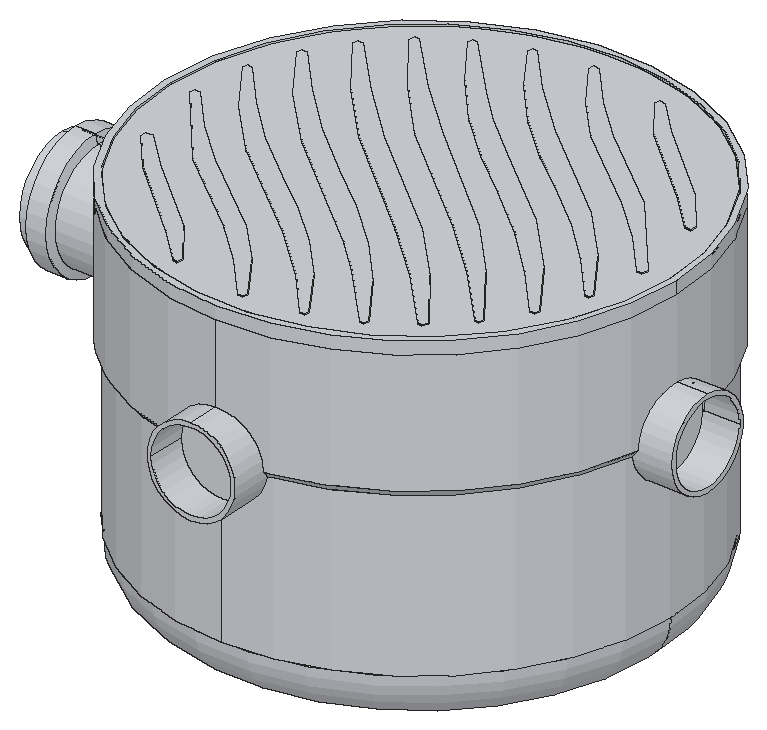
Revit family "Caixa Sifonada Montada_Tampa Branca - Caixas e Ralos - Esgoto - MEP - Tigre", category Plumbing Fixtures, host Face, Revit 2011
Parameters (values of type "250 x 172 x 50")
  URL = "http://www.tigre.com.br"
  UHC [instance] = 2
  Tigre: Sistema = "Esgoto"  # constant formula
  Tigre: Norma = ""
  Tigre: Material = "PVC Branco"  # constant formula
  Tigre: Marcador [instance] = "00"
  Tigre: Link do Produto = "http://www.tigre.com.br/pt/produtos_unico.php?rcr_id=4&cpr_id=10&cpr_id_pai=4&lnh_id=11&prd_id=123"
  Tigre: Linha = "Caixas e Ralos"  # constant formula
  Tigre: Fabricante = "© Tigre S/A"  # constant formula
  Tigre: Descrição = "Caixa Sifonada Montada c/ Tampa Branca 250 x 172 x 50mm, Esgoto - TIGRE"
  Tigre: Código com Separador [instance] = "27.13.132.8"
  Tigre: Código = 27131328
  Tigre: Comentários [instance] = ""
  Raio do Corpo 2 = 125.00 mm
  Raio do Corpo 1 = 128.00 mm
  Raio Interno Porta Grelha = 48.70 mm
  Raio Externo Porta Grelha = 53.50 mm
  Raio do Anel = 31.40 mm
  Raio Nominal 2 = Diâmetro Nominal 2 / 2  # 20.00 mm
  Raio Nominal 1 = Diâmetro Nominal 1 / 2  # 25.00 mm
  Raio Externo 2 = Raio Nominal 2 + 2.00 mm  # 22.00 mm
  Raio Externo 1 = Raio Nominal 1 + 2.00 mm  # 27.00 mm
  Prolongador. [instance] = none
  Prolongador [instance] = Distância do Prolongador > 0.00 mm  # no
  Porta Grelha [instance] = none
  Tampa [instance] = none
  P_Grelha = yes
  Model = ""
  Manufacturer = Tigre: Fabricante  # "© Tigre S/A"
  Grelha = yes
  Diâmetro Nominal 2 = 40.00 mm
  Diâmetro Nominal 1 = 50.00 mm
  Detalhes = Cota A = 230.00 mm  # no
  Description = Tigre: Descrição  # "Caixa Sifonada Montada c/ Tampa Branca 250 x 172 x 50mm, Esgoto - TIGRE"
  Default Elevation = 0.00 mm
  Cota L1 = 179.00 mm
  Distância do Prolongador [instance] = 0.00 mm
  Cota C = 111.00 mm
  Cota B = 111.00 mm
  Cota A = 172.00 mm
  Comprimento do Tubo [instance] = if(Distância do Prolongador > 0.00 mm, Distância do Prolongador + 12.00 mm, Distância do Prolongador + 1.00 mm)  # 1.00 mm
  Caixas e Ralos [instance] = none
  Anel = 10.00 mm
Types (5, lengths in mm): name | Tigre: Link do Produto | Tigre: Descrição | Tigre: Código com Separador | Tigre: Código | Raio do Anel | Raio Nominal 2 | Raio Nominal 1 | Raio Externo 2 | Raio Externo 1 | P_Grelha | Grelha | Diâmetro Nominal 2 | Diâmetro Nominal 1 | Detalhes | Description | Cota C | Cota B | Cota A
  (no name) | "http://www.tigre.com.br/pt/produtos_unico.php?rcr_id=4&cpr_id=10&cpr_id_pai=4&lnh_id=11&prd_id=123" | "Caixa Sifonada Montada c/ Tampa Branca 250 x 172 x 50mm, Esgoto - TIGRE" | "27.13.132.8" | 27131328 | 31.40 | 20.00 | 25.00 | 22.00 | 27.00 | yes | yes | 40.00 | 50.00 | no | "Caixa Sifonada Montada c/ Tampa Branca 250 x 172 x 50mm, Esgoto - TIGRE" | 111.00 | 111.00 | 172.00
  250 x 172 x 50 | "http://www.tigre.com.br/pt/produtos_unico.php?rcr_id=4&cpr_id=10&cpr_id_pai=4&lnh_id=11&prd_id=123" | "Caixa Sifonada Montada c/ Tampa Branca 250 x 172 x 50mm, Esgoto - TIGRE" | "27.13.132.8" | 27131328 | 31.40 | 20.00 | 25.00 | 22.00 | 27.00 | yes | yes | 40.00 | 50.00 | no | "Caixa Sifonada Montada c/ Tampa Branca 250 x 172 x 50mm, Esgoto - TIGRE" | 111.00 | 111.00 | 172.00
  250 x 230 x 75 | "http://www.tigre.com.br/pt/produtos_unico.php?rcr_id=4&cpr_id=10&cpr_id_pai=4&lnh_id=11&prd_id=123" | "Caixa Sifonada Montada c/ Tampa Branca 250 x 230 x 75mm, Esgoto - TIGRE" | "27.13.134.4" | 27131344 | 44.00 | 25.00 | 37.50 | 27.00 | 39.50 | yes | yes | 50.00 | 75.00 | yes | "Caixa Sifonada Montada c/ Tampa Branca 250 x 230 x 75mm, Esgoto - TIGRE" | 169.00 | 129.00 | 230.00
  Corpo - 250 x 172 x 50 | "http://www.tigre.com.br/pt/produtos_unico.php?rcr_id=4&cpr_id=10&cpr_id_pai=4&lnh_id=11&prd_id=131" | "Corpo Caixa Sifonada - 250 x 172 x 50mm, Esgoto - TIGRE" | "27.15.023.3" | 27150233 | 31.40 | 20.00 | 25.00 | 22.00 | 27.00 | no | no | 40.00 | 50.00 | no | "Corpo Caixa Sifonada - 250 x 172 x 50mm, Esgoto - TIGRE" | 111.00 | 111.00 | 172.00
  Corpo - 250 x 230 x 75 | "http://www.tigre.com.br/pt/produtos_unico.php?rcr_id=4&cpr_id=10&cpr_id_pai=4&lnh_id=11&prd_id=131" | "Corpo Caixa Sifonada - 250 x 230 x 75mm, Esgoto - TIGRE" | "27.15.022.5" | 27150225 | 44.00 | 25.00 | 37.50 | 27.00 | 39.50 | no | no | 50.00 | 75.00 | yes | "Corpo Caixa Sifonada - 250 x 230 x 75mm, Esgoto - TIGRE" | 169.00 | 129.00 | 230.00
Reference planes
  plane 1 "Center (Front/Back)": y = 0
  plane 2: z = 0
  plane 3 "Center (Left/Right)": x = 0
  plane 4: z = -178.5
  plane 5: z = -6.5
  plane 6: z = -67.5
  plane 7: z = -67.5
  plane 8: z = -3.5
  plane 9: z = -6.5
Forms (mm)
  Sweep 1, solid, material <- "Caixas e Ralos", detail levels fine
    path origin (0, 0, 0) x (1, 0, 0) y (0, 0, 1)
      loop
        line (0, -6.5) -> (0, -67.5)
    profile origin (0, 0, -37) x (0, -1, 0) y (1, 0, 0)
      loop
        circle (0, 0) r 128
  Revolve 2, solid, material <- "Caixas e Ralos", detail levels fine
    sketch origin (0, 0, 0) x (1, 0, 0) y (0, 0, 1)
      loop
        line (0, -152.137) -> (-125, -152.137)
        arc (-125, -152.137) -> (-117.279, -170.779) -> (-98.637, -178.5) r 26.363
        line (-98.637, -178.5) -> (0, -178.5) -> (0, -152.137)
      axis (0, -152.137) -> (0, -178.5)
    angle from 0 to 360
  Sweep 3, solid, material <- "Caixas e Ralos", detail levels fine
    path origin (0, 0, 0) x (1, 0, 0) y (0, 0, 1)
      loop
        line (0, -67.5) -> (-179, -67.5)
    profile origin (-89.5, 0, -67.5) x (0, 0, -1) y (0, -1, 0)
      loop
        circle (0, 0) r 27
  SweptBlend 4, solid, material <- "Caixas e Ralos", detail levels fine
    path origin (0, 0, 0) x (1, 0, 0) y (0, 0, 1)
      loop
        line (-173.761, -67.5) -> (-172.421, -67.5)
    profile origin (-173.761, 0, -67.5) x (0, 0, 1) y (0, -1, 0)
      loop
        circle (0, 0) r 27
    end profile origin (-172.421, 0, -67.5) x (0, 0, 1) y (0, -1, 0)
      loop
        circle (0, 0) r 31.4
  Sweep 5, solid, material <- "Caixas e Ralos", detail levels fine
    path origin (0, 0, 0) x (1, 0, 0) y (0, 0, 1)
      loop
        line (-172.421, -67.5) -> (-162.421, -67.5)
    profile origin (-167.421, 0, -67.5) x (0, 0, 1) y (0, -1, 0)
      loop
        circle (0, 0) r 31.4
  SweptBlend 6, solid, material <- "Caixas e Ralos", detail levels fine
    path origin (0, 0, 0) x (1, 0, 0) y (0, 0, 1)
      loop
        line (-162.421, -67.5) -> (-161.487, -67.5)
    profile origin (-162.421, 0, -67.5) x (0, 0, 1) y (0, -1, 0)
      loop
        circle (0, 0) r 31.4
    end profile origin (-161.487, 0, -67.5) x (0, 0, 1) y (0, -1, 0)
      loop
        circle (0, 0) r 27
  Sweep 7, solid, material <- "Caixas e Ralos", detail levels fine
    path origin (0, 0, 0) x (1, 0, 0) y (0, 0, 1)
      loop
        line (0, -71) -> (0, -152.137)
    profile origin (0, 0, -111.569) x (0, -1, 0) y (1, 0, 0)
      loop
        circle (0, 0) r 125
  SweptBlend 8, solid, material <- "Caixas e Ralos", detail levels fine
    path origin (0, 0, 0) x (1, 0, 0) y (0, 0, 1)
      loop
        line (0, -71) -> (0, -67.5)
    profile origin (0, 0, -71) x (-1, 0, 0) y (0, -1, 0)
      loop
        circle (0, 0) r 125
    end profile origin (0, 0, -67.5) x (-1, 0, 0) y (0, -1, 0)
      loop
        circle (0, 0) r 128
  Sweep 9, solid, material <- "Caixas e Ralos", detail levels fine
    path origin (0, 0, 0) x (1, 0, 0) y (0, 0, 1)
      loop
        line (0, -67.5) -> (143.5, -67.5)
    profile origin (71.75, 0, -67.5) x (0, 0, 1) y (0, -1, 0)
      loop
        circle (0, 0) r 22
  Sweep 10, solid, material <- "Caixas e Ralos", detail levels fine
    path origin (0, 0, 0) x (0, 1, 0) y (0, 0, 1)
      loop
        line (143.5, -67.5) -> (-143.5, -67.5)
    profile origin (0, 0, -67.5) x (0, 0, -1) y (1, 0, 0)
      loop
        circle (0, 0) r 22
  Sweep 11, void
    path origin (0, 0, 0) x (0, 1, 0) y (0, 0, 1)
      loop
        line (0, -67.5) -> (0, -152.1)
    profile origin (0, 0, -109.8) x (1, 0, 0) y (0, 1, 0)
      loop
        circle (0, 0) r 120
  Sweep 12, void
    path origin (0, 0, 0) x (0, 1, 0) y (0, 0, 1)
      loop
        line (0, -6.5) -> (0, -67.5)
    profile origin (0, 0, -37) x (1, 0, 0) y (0, 1, 0)
      loop
        circle (0, 0) r 125
  Sweep 13, solid, material <- "Tampa", visible <- "Grelha", detail levels fine
    path origin (0, 0, 0) x (1, 0, 0) y (0, 0, 1)
      loop
        line (0, -3.5) -> (0, -0.5)
    profile origin (0, 0, -2) x (-1, 0, 0) y (0, -1, 0)
      loop
        circle (0, 0) r 124.478
  Extrusion 14, solid, material <- "Tampa", visible <- "Grelha", detail levels fine
    sketch origin (0, 0, 0) x (1, 0, 0) y (0, 1, 0)
      loop
        line (36.076, 107.549) -> (33.303, 108.038) -> (32.809, 105.234) -> (48.425, 85.246) -> (85.672, 52.868) -> (103.774, 35.387) -> (106.966, 35.387) -> (106.966, 38.672) -> (90.896, 57.823) -> (51.925, 91.7) -> (36.076, 107.549)
      loop
        line (-1.353, 113.159) -> (-4.035, 113.632) -> (-4.532, 110.815) -> (11.414, 88.868) -> (29.994, 69.204) -> (72.587, 35.412) -> (92.633, 16.98) -> (110.892, -3.298) -> (113.384, -3.298) -> (114.081, -0.695) -> (79.574, 40.43) -> (36.487, 74.614) -> (16.943, 92.838) -> (-1.353, 113.159)
      loop
        line (-28.995, 109.13) -> (-31.532, 109.397) -> (-31.959, 106.975) -> (-15.635, 83.983) -> (3.271, 62.986) -> (24.621, 43.762) -> (43.802, 29.308) -> (68.217, 9.537) -> (88.16, -9.957) -> (107.093, -31.184) -> (109.617, -31.539) -> (110.108, -29.014) -> (92.113, -4.246) -> (68.243, 21.352) -> (15.977, 63.676) -> (-9.244, 87.195) -> (-28.995, 109.13)
      loop
        line (-51.993, 100.236) -> (-54.218, 100.469) -> (-54.613, 97.978) -> (-36.274, 72.738) -> (-15.686, 49.872) -> (6.303, 29.777) -> (29.378, 11.749) -> (55.119, -9.851) -> (77.582, -31.542) -> (98.227, -54.205) -> (100.769, -54.428) -> (101.205, -51.956) -> (81.552, -24.906) -> (54.825, 3.228) -> (13.04, 37.815) -> (-8.111, 55.322) -> (-24.609, 71.254) -> (-51.993, 100.236)
      loop
        line (-73.793, 84.72) -> (-50.863, 55.37) -> (-24.988, 27.737) -> (32.38, -20.4) -> (59.768, -45.94) -> (85.62, -73.391) -> (88.133, -73.611) -> (88.528, -71.116) -> (65.819, -41.209) -> (40.267, -14.076) -> (-16.536, 34.249) -> (-44.483, 59.788) -> (-70.754, 87.591) -> (-73.241, 87.853) -> (-73.793, 84.72)
      loop
        line (-36.701, -109.424) -> (-33.928, -109.913) -> (-33.434, -107.109) -> (-49.05, -87.121) -> (-86.297, -54.743) -> (-104.399, -37.262) -> (-107.591, -37.262) -> (-107.591, -40.547) -> (-91.521, -59.698) -> (-52.55, -93.575) -> (-36.701, -109.424)
      loop
        line (0.728, -115.034) -> (3.41, -115.507) -> (3.907, -112.69) -> (-12.039, -90.743) -> (-30.619, -71.079) -> (-73.212, -37.287) -> (-93.258, -18.855) -> (-111.517, 1.423) -> (-114.009, 1.423) -> (-114.706, -1.18) -> (-80.199, -42.305) -> (-37.112, -76.489) -> (-17.568, -94.713) -> (0.728, -115.034)
      loop
        line (28.37, -111.005) -> (30.907, -111.272) -> (31.334, -108.85) -> (15.01, -85.858) -> (-3.896, -64.861) -> (-25.246, -45.637) -> (-44.427, -31.183) -> (-68.842, -11.412) -> (-88.785, 8.082) -> (-107.718, 29.309) -> (-110.242, 29.664) -> (-110.733, 27.139) -> (-92.738, 2.371) -> (-68.868, -23.227) -> (-16.602, -65.551) -> (8.619, -89.07) -> (28.37, -111.005)
      loop
        line (51.368, -102.111) -> (53.593, -102.344) -> (53.988, -99.853) -> (35.649, -74.613) -> (15.061, -51.747) -> (-6.928, -31.652) -> (-30.003, -13.624) -> (-55.744, 7.976) -> (-78.207, 29.667) -> (-98.852, 52.33) -> (-101.394, 52.553) -> (-101.83, 50.081) -> (-82.177, 23.031) -> (-55.45, -5.103) -> (-13.665, -39.69) -> (7.486, -57.197) -> (23.984, -73.129) -> (51.368, -102.111)
      loop
        line (73.168, -86.595) -> (50.238, -57.245) -> (24.363, -29.612) -> (-33.005, 18.525) -> (-60.393, 44.065) -> (-86.245, 71.516) -> (-88.758, 71.736) -> (-89.153, 69.241) -> (-66.444, 39.334) -> (-40.892, 12.201) -> (15.911, -36.124) -> (43.858, -61.663) -> (70.129, -89.466) -> (72.616, -89.728) -> (73.168, -86.595)
    from -0.5 to 0
  Sweep 15, solid, material <- "Porta Grelha", visible <- "P_Grelha", detail levels fine
    path origin (0, 0, 0) x (1, 0, 0) y (0, 0, 1)
      loop
        line (0, -6.5) -> (0, 0)
    profile origin (0, 0, -3.25) x (-1, 0, 0) y (0, -1, 0)
      loop
        circle (0, 0) r 128
      loop
        circle (0, 0) r 125
  Revolve 16, solid, material <- "Porta Grelha", visible <- "P_Grelha", detail levels fine
    sketch origin (0, 0, 0) x (1, 0, 0) y (0, 0, 1)
      loop
        line (-118.92, -23) -> (-118.92, -3.5) -> (-125, -3.5) -> (-125, -6.5) -> (-123.509, -6.5) -> (-123.509, -15) -> (-121.821, -15) -> (-121.821, -23) -> (-118.92, -23)
      axis (0, -23) -> (0, -3.5)
    angle from 0 to 360
  Sweep 17, void
    path origin (196.171, -4572, -67.5) x (0, -1, 0) y (1, 0, 0)
      loop
        line (-4428.5, -196.171) -> (-4447, -196.171)
    profile origin (0, -134.25, -67.5) x (-1, 0, 0) y (0, 0, 1)
      loop
        circle (0, 0) r 20
  Sweep 18, void
    path origin (196.171, -4572, -67.5) x (0, -1, 0) y (1, 0, 0)
      loop
        line (-4715.5, -196.171) -> (-4697, -196.171)
    profile origin (0, 134.25, -67.5) x (1, 0, 0) y (0, 0, 1)
      loop
        circle (0, 0) r 20
  Sweep 19, void
    path origin (196.171, -4572, -67.5) x (0, -1, 0) y (1, 0, 0)
      loop
        line (-4572, -52.671) -> (-4572, -71.171)
    profile origin (134.25, 0, -67.5) x (0, -1, 0) y (0, 0, 1)
      loop
        circle (0, 0) r 20
  Sweep 20, void
    path origin (196.171, -4572, -67.5) x (0, -1, 0) y (1, 0, 0)
      loop
        line (-4572, -375.171) -> (-4572, -324.171)
    profile origin (-153.5, 0, -67.5) x (0, 1, 0) y (0, 0, 1)
      loop
        circle (0, 0) r 25
Cuts and joins
  Sweep 11, Sweep 12, Sweep 17, Sweep 18, Sweep 19, Sweep 20 cuts Sweep 1
  Sweep 11, Sweep 12, Sweep 17, Sweep 18, Sweep 19, Sweep 20 cuts Revolve 2
  Sweep 11, Sweep 12, Sweep 17, Sweep 18, Sweep 19, Sweep 20 cuts Sweep 3
  Sweep 11, Sweep 12, Sweep 17, Sweep 18, Sweep 19, Sweep 20 cuts SweptBlend 4
  Sweep 11, Sweep 12, Sweep 17, Sweep 18, Sweep 19, Sweep 20 cuts Sweep 5
  Sweep 11, Sweep 12, Sweep 17, Sweep 18, Sweep 19, Sweep 20 cuts SweptBlend 6
  Sweep 11, Sweep 12, Sweep 17, Sweep 18, Sweep 19, Sweep 20 cuts Sweep 7
  Sweep 11, Sweep 12, Sweep 17, Sweep 18, Sweep 19, Sweep 20 cuts SweptBlend 8
  Sweep 11, Sweep 12, Sweep 19 cuts Sweep 9
  Sweep 11, Sweep 12, Sweep 17, Sweep 18 cuts Sweep 10
  joined: Sweep 1, Revolve 2, Sweep 3, SweptBlend 4, Sweep 5, SweptBlend 6, Sweep 7, SweptBlend 8, Sweep 9, Sweep 10
  joined: Sweep 13, Extrusion 14
  joined: Sweep 15, Revolve 16
Lines and regions (mm)
  model lines, detail levels coarse+medium
    curve 1: line (-128, 0, -67.5) -> (-80, 0, -67.5)
    curve 2: line (-128, 22, -67.5) -> (-128, -22, -67.5)
    curve 3: circle (0, 0, -67.5) r 80 normal (0, 0, -1)
    curve 4: line (80, 0, -67.5) -> (125, 0, -67.5)
    curve 5: line (0, 80, -67.5) -> (0, 125, -67.5)
    curve 6: line (0, -80, -67.5) -> (0, -125, -67.5)
    curve 7: line (-22, -125, -67.5) -> (22, -125, -67.5)
    curve 8: line (125, 22, -67.5) -> (125, -22, -67.5)
    curve 9: line (-22, 125, -67.5) -> (22, 125, -67.5)
  model lines, visible <- "Detalhes", detail levels coarse+medium
    curve 10: line (-80, 0, -67.5) -> (-80, 0, -71)
Dimensions and locks
  "Cota A": plane 5 to plane 4
  "Cota B": plane 6 to plane 4
  "Cota L1": plane 3 "Center (Left/Right)" to Sweep 3 sketch curve
  locked: cut or joined group of Sweep 1, Revolve 2, Sweep 3, SweptBlend 4, Sweep 5, SweptBlend 6, Sweep 7, SweptBlend 8, Sweep 9, Sweep 10, Sweep 11, Sweep 12, Sweep 17, Sweep 18, Sweep 19, Sweep 20 to SweptBlend 4 sketch curve at 5.239
  locked: SweptBlend 4 sketch curve to SweptBlend 4 sketch curve at 1.34
  "Anel": Sweep 5 sketch curve to Sweep 5 sketch curve
  locked: SweptBlend 6 sketch curve to SweptBlend 6 sketch curve at 0.934
  "Cota C": plane 7 to plane 4
  Sweep 7 sketch curve to plane 4 = 26.363 mm
  plane 7 to Sweep 7 sketch curve = 3.50 mm
  plane 7 to SweptBlend 8 sketch curve = 3.50 mm
  "Raio do Corpo 2": plane 3 "Center (Left/Right)" to Revolve 2 sketch curve
  Sweep 9 sketch curve to plane 3 "Center (Left/Right)" = 143.50 mm
  Sweep 11 sketch curve to plane 4 = 26.40 mm
  locked: level to Sweep 13 sketch curve at 0.5
  locked: level to plane 8 at 3.5
  "Distância do Prolongador": plane 9 to plane 5
  plane 8 to Revolve 16 sketch curve to Revolve 16 sketch curve = 11.50 mm locked, 8.00 mm locked
  "Raio do Corpo 1": radius of Sweep 1 sketch curve
  "Raio Externo 1": radius of Sweep 3 sketch curve
  "Raio do Anel": radius of SweptBlend 4 sketch curve
  "Raio Externo 1": radius of SweptBlend 6 sketch curve
  "Raio do Corpo 2": radius of Sweep 7 sketch curve
  "Raio Externo 2": radius of Sweep 9 sketch curve
  "Raio Externo 2": radius of Sweep 10 sketch curve
  "Raio Nominal 2": radius of Sweep 17 sketch curve
  "Raio Nominal 2": radius of Sweep 18 sketch curve
  "Raio Nominal 2": radius of Sweep 19 sketch curve
  "Raio Nominal 1": radius of Sweep 20 sketch curve
  aligned and locked: plane 2 to host face
  aligned and locked: level to host face
  aligned and locked: plane 5 to Sweep 1 sketch curve
  aligned and locked: Sweep 1 sketch curve to plane 3 "Center (Left/Right)"
  aligned and locked: Revolve 2 sketch curve to plane 3 "Center (Left/Right)"
  aligned and locked: plane 4 to Revolve 2 sketch curve
  aligned and locked: Revolve 2 sketch curve to plane 4
  aligned and locked: SweptBlend 4 sketch curve to Sweep 3  (x2)
  aligned and locked: cut or joined group of Sweep 1, Revolve 2, Sweep 3, SweptBlend 4, Sweep 5, SweptBlend 6, Sweep 7, SweptBlend 8, Sweep 9, Sweep 10, Sweep 11, Sweep 12, Sweep 17, Sweep 18, Sweep 19, Sweep 20 to Sweep 5 sketch curve
  aligned and locked: Sweep 5 sketch curve to cut or joined group of Sweep 1, Revolve 2, Sweep 3, SweptBlend 4, Sweep 5, SweptBlend 6, Sweep 7, SweptBlend 8, Sweep 9, Sweep 10, Sweep 11, Sweep 12, Sweep 17, Sweep 18, Sweep 19, Sweep 20  (x2)
  aligned and locked: Sweep 5 to SweptBlend 6 sketch curve
  aligned and locked: SweptBlend 6 sketch curve to Sweep 5  (x2)
  aligned and locked: Sweep 3 sketch curve to plane 6
  aligned and locked: plane 6 to Sweep 5 sketch curve
  aligned and locked: plane 6 to SweptBlend 4 sketch curve
  aligned and locked: plane 6 to SweptBlend 6 sketch curve
  aligned and locked: Sweep 7 sketch curve to plane 3 "Center (Left/Right)"
  aligned and locked: plane 7 to Sweep 1 sketch curve
  aligned and locked: plane 7 to SweptBlend 8 sketch curve
  aligned and locked: SweptBlend 8 sketch curve to cut or joined group of Sweep 1, Revolve 2, Sweep 3, SweptBlend 4, Sweep 5, SweptBlend 6, Sweep 7, SweptBlend 8, Sweep 9, Sweep 10, Sweep 11, Sweep 12, Sweep 17, Sweep 18, Sweep 19, Sweep 20  (x2)
  aligned and locked: SweptBlend 8 sketch curve to Sweep 7  (x2)
  aligned and locked: Revolve 2 sketch curve to Sweep 7
  aligned and locked: Revolve 2 sketch curve to Revolve 2 sketch curve
  aligned and locked: plane 3 "Center (Left/Right)" to Sweep 9 sketch curve
  aligned and locked: plane 7 to Sweep 9 sketch curve
  aligned and locked: plane 7 to Sweep 10 sketch curve
  aligned and locked: Sweep 11 sketch curve to plane 1 "Center (Front/Back)"
  aligned and locked: plane 7 to Sweep 11 sketch curve
  aligned and locked: Sweep 12 sketch curve to plane 1 "Center (Front/Back)"
  aligned and locked: plane 7 to Sweep 12 sketch curve
  aligned and locked: plane 5 to Sweep 12 sketch curve
  aligned and locked: Sweep 12 sketch curve to cut or joined group of Sweep 1, Revolve 2, Sweep 3, SweptBlend 4, Sweep 5, SweptBlend 6, Sweep 7, SweptBlend 8, Sweep 9, Sweep 10, Sweep 11, Sweep 12, Sweep 17, Sweep 18, Sweep 19, Sweep 20  (x2)
  aligned and locked: Sweep 13 sketch curve to plane 3 "Center (Left/Right)"
  aligned and locked: plane 8 to Sweep 13 sketch curve
  aligned and locked: Extrusion 14 to Sweep 13
  aligned and locked: level to Extrusion 14
  aligned and locked: level to Sweep 15 sketch curve
  aligned and locked: plane 9 to Sweep 15 sketch curve
  aligned and locked: Revolve 16 sketch curve to plane 8
  aligned and locked: Revolve 16 sketch curve to plane 9
  aligned and locked: plane 9 to nested 1
  aligned and locked: curve 2 to cut or joined group of Sweep 1, Revolve 2, Sweep 3, SweptBlend 4, Sweep 5, SweptBlend 6, Sweep 7, SweptBlend 8, Sweep 9, Sweep 10, Sweep 11, Sweep 12, Sweep 17, Sweep 18, Sweep 19, Sweep 20
Automatic sketch dimensions
  host sketch curve to host sketch curve = 359.389 mm
  host sketch curve to host sketch curve = 358.23 mm
  plane 1 "Center (Front/Back)" to Sweep 1 sketch curve = 0.00 mm
  Sweep 1 sketch curve to profile plane = 0.00 mm
  Sweep 3 sketch curve to plane 1 "Center (Front/Back)" = 0.00 mm
  Sweep 3 sketch curve to profile plane = 0.00 mm
  Sweep 3 sketch curve to plane 3 "Center (Left/Right)" = 0.00 mm
  SweptBlend 4 sketch curve to plane 1 "Center (Front/Back)" = 0.00 mm
  profile plane to SweptBlend 4 sketch curve = 0.00 mm
  SweptBlend 6 sketch curve to plane 1 "Center (Front/Back)" = 0.00 mm
  profile plane to SweptBlend 6 sketch curve = 0.00 mm
  plane 1 "Center (Front/Back)" to Sweep 7 sketch curve = 0.00 mm
  Sweep 7 sketch curve to profile plane = 0.00 mm
  SweptBlend 8 sketch curve to plane 3 "Center (Left/Right)" = 0.00 mm
  Revolve 2 sketch curve to plane 4 = 0.00 mm
  Revolve 2 sketch curve to plane 4 = 7.21 mm
  Sweep 9 sketch curve to plane 1 "Center (Front/Back)" = 0.00 mm
  profile plane to Sweep 9 sketch curve = 0.00 mm
  Sweep 10 sketch curve to plane 3 "Center (Left/Right)" = 0.00 mm
  Sweep 10 sketch curve to profile plane = 0.00 mm
  Sweep 11 sketch curve to plane 3 "Center (Left/Right)" = 0.00 mm
  profile plane to Sweep 11 sketch curve = 0.00 mm
  plane 1 "Center (Front/Back)" to Sweep 13 sketch curve = 0.00 mm
  Sweep 13 sketch curve to profile plane = 0.00 mm
  plane 1 "Center (Front/Back)" to Sweep 10 sketch curve = 143.50 mm
  Sweep 10 sketch curve to plane 1 "Center (Front/Back)" = 143.50 mm
  plane 1 "Center (Front/Back)" to curve 1 = 0.00 mm
  curve 2 to plane 1 "Center (Front/Back)" = 22.00 mm
  curve 1 to curve 2 = 22.00 mm
  curve 2 to curve 1 = 48.00 mm
  plane 1 "Center (Front/Back)" to Extrusion 14 sketch curve = 1.18 mm
  Extrusion 14 sketch curve to plane 3 "Center (Left/Right)" = 114.706 mm
  Extrusion 14 sketch curve to plane 1 "Center (Front/Back)" = 1.423 mm
  Extrusion 14 sketch curve to Extrusion 14 sketch curve = 0.698 mm  (x2)
  Extrusion 14 sketch curve to Extrusion 14 sketch curve = 2.492 mm  (x2)
  Extrusion 14 sketch curve to plane 1 "Center (Front/Back)" = 27.139 mm
  Extrusion 14 sketch curve to Extrusion 14 sketch curve = 0.784 mm
  Extrusion 14 sketch curve to plane 1 "Center (Front/Back)" = 29.664 mm
  Extrusion 14 sketch curve to Extrusion 14 sketch curve = 0.491 mm  (x2)
  Extrusion 14 sketch curve to plane 1 "Center (Front/Back)" = 29.309 mm
  Extrusion 14 sketch curve to Extrusion 14 sketch curve = 2.524 mm  (x2)
  Extrusion 14 sketch curve to Extrusion 14 sketch curve = 7.116 mm
  Extrusion 14 sketch curve to Extrusion 14 sketch curve = 3.191 mm  (x2)
  Extrusion 14 sketch curve to plane 1 "Center (Front/Back)" = 50.081 mm
  Extrusion 14 sketch curve to Extrusion 14 sketch curve = 5.889 mm  (x2)
  Extrusion 14 sketch curve to Extrusion 14 sketch curve = 0.436 mm  (x2)
  Extrusion 14 sketch curve to Extrusion 14 sketch curve = 2.541 mm  (x2)
  plane 1 "Center (Front/Back)" to Extrusion 14 sketch curve = 18.855 mm
  Extrusion 14 sketch curve to Extrusion 14 sketch curve = 11.141 mm  (x2)
  Extrusion 14 sketch curve to plane 1 "Center (Front/Back)" = 2.371 mm
  Extrusion 14 sketch curve to Extrusion 14 sketch curve = 18.779 mm  (x2)
  Extrusion 14 sketch curve to Extrusion 14 sketch curve = 16.07 mm
  Extrusion 14 sketch curve to Extrusion 14 sketch curve = 9.699 mm  (x2)
  Extrusion 14 sketch curve to plane 1 "Center (Front/Back)" = 8.082 mm
  Extrusion 14 sketch curve to Extrusion 14 sketch curve = 3.953 mm  (x2)
  Extrusion 14 sketch curve to Extrusion 14 sketch curve = 0.395 mm  (x4)
  Extrusion 14 sketch curve to Extrusion 14 sketch curve = 5.224 mm  (x2)
  Extrusion 14 sketch curve to Extrusion 14 sketch curve = 2.513 mm  (x2)
  Extrusion 14 sketch curve to plane 1 "Center (Front/Back)" = 23.031 mm
  Extrusion 14 sketch curve to Extrusion 14 sketch curve = 6.608 mm  (x2)
  Extrusion 14 sketch curve to Extrusion 14 sketch curve = 6.098 mm  (x2)
  Extrusion 14 sketch curve to plane 1 "Center (Front/Back)" = 29.667 mm
  Extrusion 14 sketch curve to Extrusion 14 sketch curve = 3.97 mm  (x2)
  Extrusion 14 sketch curve to Extrusion 14 sketch curve = 12.452 mm  (x2)
  Extrusion 14 sketch curve to Extrusion 14 sketch curve = 0.552 mm  (x2)
  Extrusion 14 sketch curve to Extrusion 14 sketch curve = 6.987 mm  (x2)
  Extrusion 14 sketch curve to Extrusion 14 sketch curve = 2.487 mm  (x2)
  plane 1 "Center (Front/Back)" to Extrusion 14 sketch curve = 23.227 mm
  Extrusion 14 sketch curve to Extrusion 14 sketch curve = 4.344 mm  (x2)
  plane 1 "Center (Front/Back)" to Extrusion 14 sketch curve = 11.412 mm
  Extrusion 14 sketch curve to Extrusion 14 sketch curve = 0.026 mm  (x2)
  Extrusion 14 sketch curve to Extrusion 14 sketch curve = 11.763 mm  (x2)
  Extrusion 14 sketch curve to Extrusion 14 sketch curve = 6.051 mm  (x2)
  Extrusion 14 sketch curve to plane 1 "Center (Front/Back)" = 7.976 mm
  Extrusion 14 sketch curve to Extrusion 14 sketch curve = 13.098 mm
  plane 1 "Center (Front/Back)" to Extrusion 14 sketch curve = 5.103 mm
  Extrusion 14 sketch curve to Extrusion 14 sketch curve = 0.294 mm  (x2)
  Extrusion 14 sketch curve to Extrusion 14 sketch curve = 16.141 mm  (x2)
  Extrusion 14 sketch curve to Extrusion 14 sketch curve = 33.747 mm
  Extrusion 14 sketch curve to Extrusion 14 sketch curve = 2.225 mm  (x2)
  Extrusion 14 sketch curve to Extrusion 14 sketch curve = 9.53 mm  (x2)
  Extrusion 14 sketch curve to Extrusion 14 sketch curve = 3.50 mm  (x2)
  Extrusion 14 sketch curve to Extrusion 14 sketch curve = 6.38 mm  (x2)
  Extrusion 14 sketch curve to Extrusion 14 sketch curve = 24.441 mm
  Extrusion 14 sketch curve to plane 1 "Center (Front/Back)" = 12.201 mm
  Extrusion 14 sketch curve to Extrusion 14 sketch curve = 14.853 mm
  Extrusion 14 sketch curve to Extrusion 14 sketch curve = 11.938 mm  (x2)
  Extrusion 14 sketch curve to Extrusion 14 sketch curve = 15.849 mm
  Extrusion 14 sketch curve to Extrusion 14 sketch curve = 8.208 mm  (x2)
  Extrusion 14 sketch curve to Extrusion 14 sketch curve = 2.773 mm  (x2)
  Extrusion 14 sketch curve to Extrusion 14 sketch curve = 0.494 mm  (x2)
  Extrusion 14 sketch curve to Extrusion 14 sketch curve = 7.886 mm  (x2)
  Extrusion 14 sketch curve to Extrusion 14 sketch curve = 20.034 mm  (x2)
  Extrusion 14 sketch curve to Extrusion 14 sketch curve = 0.427 mm  (x2)
  Extrusion 14 sketch curve to Extrusion 14 sketch curve = 6.493 mm  (x2)
  plane 1 "Center (Front/Back)" to Extrusion 14 sketch curve = 13.624 mm
  Extrusion 14 sketch curve to Extrusion 14 sketch curve = 14.424 mm  (x2)
  Extrusion 14 sketch curve to Extrusion 14 sketch curve = 2.538 mm  (x2)
  Extrusion 14 sketch curve to Extrusion 14 sketch curve = 19.182 mm
  Extrusion 14 sketch curve to Extrusion 14 sketch curve = 8.018 mm  (x2)
  Extrusion 14 sketch curve to Extrusion 14 sketch curve = 11.666 mm  (x2)
  Extrusion 14 sketch curve to plane 3 "Center (Left/Right)" = 17.568 mm
  Extrusion 14 sketch curve to Extrusion 14 sketch curve = 14.017 mm  (x2)
  Extrusion 14 sketch curve to Extrusion 14 sketch curve = 8.452 mm  (x2)
  Extrusion 14 sketch curve to Extrusion 14 sketch curve = 0.85 mm  (x2)
  Extrusion 14 sketch curve to Extrusion 14 sketch curve = 8.974 mm  (x2)
  Extrusion 14 sketch curve to Extrusion 14 sketch curve = 11.581 mm  (x2)
  Extrusion 14 sketch curve to Extrusion 14 sketch curve = 5.53 mm  (x2)
  Extrusion 14 sketch curve to Extrusion 14 sketch curve = 6.391 mm  (x2)
  Extrusion 14 sketch curve to plane 3 "Center (Left/Right)" = 8.111 mm
  Extrusion 14 sketch curve to plane 3 "Center (Left/Right)" = 6.928 mm
  Extrusion 14 sketch curve to plane 3 "Center (Left/Right)" = 4.532 mm
  Extrusion 14 sketch curve to Extrusion 14 sketch curve = 0.497 mm  (x2)
  Extrusion 14 sketch curve to plane 3 "Center (Left/Right)" = 3.896 mm
  Extrusion 14 sketch curve to plane 3 "Center (Left/Right)" = 1.353 mm
  plane 3 "Center (Left/Right)" to Extrusion 14 sketch curve = 0.728 mm
  plane 3 "Center (Left/Right)" to Extrusion 14 sketch curve = 3.271 mm
  Extrusion 14 sketch curve to Extrusion 14 sketch curve = 2.682 mm
  plane 3 "Center (Left/Right)" to Extrusion 14 sketch curve = 6.303 mm
  plane 3 "Center (Left/Right)" to Extrusion 14 sketch curve = 7.486 mm
  plane 3 "Center (Left/Right)" to Extrusion 14 sketch curve = 8.619 mm
  plane 3 "Center (Left/Right)" to Extrusion 14 sketch curve = 11.414 mm
  Extrusion 14 sketch curve to Extrusion 14 sketch curve = 6.737 mm
  Extrusion 14 sketch curve to Extrusion 14 sketch curve = 7.576 mm
  Extrusion 14 sketch curve to Extrusion 14 sketch curve = 12.706 mm
  Extrusion 14 sketch curve to Extrusion 14 sketch curve = 24.463 mm
  Extrusion 14 sketch curve to plane 1 "Center (Front/Back)" = 11.749 mm
  Extrusion 14 sketch curve to Extrusion 14 sketch curve = 23.075 mm
  Extrusion 14 sketch curve to Extrusion 14 sketch curve = 15.865 mm
  plane 1 "Center (Front/Back)" to Extrusion 14 sketch curve = 14.076 mm
  Extrusion 14 sketch curve to plane 1 "Center (Front/Back)" = 3.228 mm
  Extrusion 14 sketch curve to Extrusion 14 sketch curve = 14.559 mm
  plane 1 "Center (Front/Back)" to Extrusion 14 sketch curve = 9.851 mm
  Extrusion 14 sketch curve to plane 1 "Center (Front/Back)" = 9.537 mm
  Extrusion 14 sketch curve to Extrusion 14 sketch curve = 13.392 mm
  Extrusion 14 sketch curve to plane 1 "Center (Front/Back)" = 21.352 mm
  Extrusion 14 sketch curve to plane 1 "Center (Front/Back)" = 35.412 mm
  plane 1 "Center (Front/Back)" to Extrusion 14 sketch curve = 31.542 mm
  plane 1 "Center (Front/Back)" to Extrusion 14 sketch curve = 24.906 mm
  plane 1 "Center (Front/Back)" to Extrusion 14 sketch curve = 9.957 mm
  plane 1 "Center (Front/Back)" to Extrusion 14 sketch curve = 4.246 mm
  Extrusion 14 sketch curve to plane 1 "Center (Front/Back)" = 16.98 mm
  Extrusion 14 sketch curve to Extrusion 14 sketch curve = 0.52 mm
  Extrusion 14 sketch curve to plane 1 "Center (Front/Back)" = 38.672 mm
  plane 1 "Center (Front/Back)" to Extrusion 14 sketch curve = 31.184 mm
  plane 1 "Center (Front/Back)" to Extrusion 14 sketch curve = 31.539 mm
  plane 1 "Center (Front/Back)" to Extrusion 14 sketch curve = 29.014 mm
  plane 1 "Center (Front/Back)" to Extrusion 14 sketch curve = 3.298 mm
  plane 1 "Center (Front/Back)" to Extrusion 14 sketch curve = 0.695 mm
  Extrusion 14 sketch curve to Extrusion 14 sketch curve = 18.028 mm  (x2)
  Extrusion 14 sketch curve to Extrusion 14 sketch curve = 4.471 mm
  Extrusion 14 sketch curve to Extrusion 14 sketch curve = 18.407 mm
  Extrusion 14 sketch curve to Extrusion 14 sketch curve = 14.061 mm
  Extrusion 14 sketch curve to Extrusion 14 sketch curve = 8.038 mm  (x2)
  Extrusion 14 sketch curve to Extrusion 14 sketch curve = 3.285 mm  (x2)
  Extrusion 14 sketch curve to Extrusion 14 sketch curve = 9.666 mm  (x2)
  Extrusion 14 sketch curve to Extrusion 14 sketch curve = 5.018 mm  (x2)
  Extrusion 14 sketch curve to Extrusion 14 sketch curve = 5.948 mm  (x2)
  Extrusion 14 sketch curve to Extrusion 14 sketch curve = 4.731 mm  (x2)
  Extrusion 14 sketch curve to Extrusion 14 sketch curve = 15.623 mm  (x2)
  Extrusion 14 sketch curve to Extrusion 14 sketch curve = 20.771 mm
  Extrusion 14 sketch curve to Extrusion 14 sketch curve = 2.25 mm  (x2)
  Extrusion 14 sketch curve to Extrusion 14 sketch curve = 2.472 mm  (x2)
  Extrusion 14 sketch curve to Extrusion 14 sketch curve = 12.438 mm  (x2)
  Extrusion 14 sketch curve to Extrusion 14 sketch curve = 5.45 mm  (x2)
  Extrusion 14 sketch curve to Extrusion 14 sketch curve = 11.306 mm  (x2)
  Extrusion 14 sketch curve to Extrusion 14 sketch curve = 4.955 mm  (x2)
  Extrusion 14 sketch curve to Extrusion 14 sketch curve = 4.418 mm  (x2)
  Extrusion 14 sketch curve to Extrusion 14 sketch curve = 7.664 mm  (x2)
  Extrusion 14 sketch curve to Extrusion 14 sketch curve = 0.69 mm  (x2)
  Extrusion 14 sketch curve to Extrusion 14 sketch curve = 5.528 mm  (x2)
  Extrusion 14 sketch curve to Extrusion 14 sketch curve = 16.91 mm  (x2)
  Extrusion 14 sketch curve to Extrusion 14 sketch curve = 15.932 mm  (x2)
  Extrusion 14 sketch curve to Extrusion 14 sketch curve = 2.275 mm  (x2)
  Extrusion 14 sketch curve to Extrusion 14 sketch curve = 0.22 mm  (x2)
  Extrusion 14 sketch curve to Extrusion 14 sketch curve = 1.484 mm  (x2)
  Extrusion 14 sketch curve to Extrusion 14 sketch curve = 5.41 mm  (x2)
  Extrusion 14 sketch curve to Extrusion 14 sketch curve = 12.729 mm  (x2)
  Extrusion 14 sketch curve to Extrusion 14 sketch curve = 13.204 mm  (x2)
  Extrusion 14 sketch curve to Extrusion 14 sketch curve = 10.632 mm  (x2)
  Extrusion 14 sketch curve to Extrusion 14 sketch curve = 3.212 mm  (x2)
  Extrusion 14 sketch curve to Extrusion 14 sketch curve = 2.872 mm  (x2)
  Extrusion 14 sketch curve to Extrusion 14 sketch curve = 0.261 mm  (x2)
  Extrusion 14 sketch curve to Extrusion 14 sketch curve = 1.673 mm  (x2)
  Extrusion 14 sketch curve to Extrusion 14 sketch curve = 6.454 mm  (x2)
  Extrusion 14 sketch curve to Extrusion 14 sketch curve = 3.971 mm  (x2)
  Extrusion 14 sketch curve to Extrusion 14 sketch curve = 10.387 mm  (x2)
  Extrusion 14 sketch curve to Extrusion 14 sketch curve = 2.257 mm  (x2)
  Extrusion 14 sketch curve to Extrusion 14 sketch curve = 0.234 mm  (x2)
  Extrusion 14 sketch curve to Extrusion 14 sketch curve = 12.395 mm  (x2)
  Extrusion 14 sketch curve to Extrusion 14 sketch curve = 6.74 mm  (x2)
  Extrusion 14 sketch curve to Extrusion 14 sketch curve = 2.315 mm  (x2)
  Extrusion 14 sketch curve to Extrusion 14 sketch curve = 2.155 mm  (x2)
  Extrusion 14 sketch curve to Extrusion 14 sketch curve = 2.422 mm  (x2)
  Extrusion 14 sketch curve to Extrusion 14 sketch curve = 23.621 mm  (x2)
  Extrusion 14 sketch curve to Extrusion 14 sketch curve = 2.344 mm  (x2)
  Extrusion 14 sketch curve to Extrusion 14 sketch curve = 17.559 mm  (x2)
  Extrusion 14 sketch curve to Extrusion 14 sketch curve = 6.511 mm  (x2)
  Extrusion 14 sketch curve to Extrusion 14 sketch curve = 6.324 mm  (x2)
  Extrusion 14 sketch curve to Extrusion 14 sketch curve = 9.212 mm
  Sweep 15 sketch curve to plane 3 "Center (Left/Right)" = 0.00 mm
  Sweep 15 sketch curve to Sweep 15 sketch curve = 0.00 mm  (x2)
  plane 1 "Center (Front/Back)" to Sweep 15 sketch curve = 0.00 mm
  Sweep 15 sketch curve to profile plane = 0.00 mm
  Revolve 16 sketch curve to plane 3 "Center (Left/Right)" = 118.92 mm
  Revolve 16 sketch curve to Revolve 16 sketch curve = 2.901 mm
  Revolve 16 sketch curve to Revolve 16 sketch curve = 1.688 mm
  Revolve 16 sketch curve to Revolve 16 sketch curve = 1.491 mm
  Revolve 16 sketch curve to plane 5 = 10.00 mm
  plane 9 to Revolve 16 sketch curve = 1.50 mm
  Revolve 16 sketch curve to plane 3 "Center (Left/Right)" = 0.00 mm
  curve 5 to plane 3 "Center (Left/Right)" = 0.00 mm
  plane 1 "Center (Front/Back)" to curve 3 = 0.00 mm
  plane 1 "Center (Front/Back)" to curve 4 = 0.00 mm
  curve 6 to plane 3 "Center (Left/Right)" = 0.00 mm
  curve 3 to plane 3 "Center (Left/Right)" = 0.00 mm
  curve 8 to plane 1 "Center (Front/Back)" = 22.00 mm
  plane 3 "Center (Left/Right)" to curve 9 = 22.00 mm
  curve 4 to curve 8 = 22.00 mm
  curve 7 to plane 3 "Center (Left/Right)" = 22.00 mm
  curve 6 to curve 7 = 45.00 mm
  curve 9 to plane 3 "Center (Left/Right)" = 22.00 mm
  curve 6 to curve 7 = 22.00 mm
  curve 10 to plane 6 = 0.00 mm
  curve 10 to plane 3 "Center (Left/Right)" = 80.00 mm
  plane 6 to curve 10 = 3.50 mm
  Sweep 17 sketch curve to plane 3 "Center (Left/Right)" = 0.00 mm
  plane 1 "Center (Front/Back)" to Sweep 17 sketch curve = 125.00 mm
  Sweep 17 sketch curve to Sweep 17 sketch curve = 18.50 mm
  Sweep 17 sketch curve to plane 7 = 0.00 mm
  Sweep 17 sketch curve to profile plane = 0.00 mm
  Sweep 18 sketch curve to plane 3 "Center (Left/Right)" = 0.00 mm
  Sweep 18 sketch curve to plane 1 "Center (Front/Back)" = 143.50 mm
  Sweep 18 sketch curve to Sweep 18 sketch curve = 18.50 mm
  Sweep 18 sketch curve to plane 7 = 0.00 mm
  profile plane to Sweep 18 sketch curve = 0.00 mm
  plane 1 "Center (Front/Back)" to Sweep 19 sketch curve = 0.00 mm
  plane 3 "Center (Left/Right)" to Sweep 19 sketch curve = 125.00 mm
  Sweep 19 sketch curve to Sweep 19 sketch curve = 18.50 mm
  plane 7 to Sweep 19 sketch curve = 0.00 mm
  Sweep 19 sketch curve to profile plane = 0.00 mm
  plane 1 "Center (Front/Back)" to Sweep 20 sketch curve = 0.00 mm
  Sweep 20 sketch curve to plane 3 "Center (Left/Right)" = 179.00 mm
  Sweep 20 sketch curve to Sweep 20 sketch curve = 51.00 mm
  plane 7 to Sweep 20 sketch curve = 0.00 mm
  Sweep 20 sketch curve to profile plane = 0.00 mm
  curve 5 to plane 1 "Center (Front/Back)" = 80.00 mm
  curve 9 to curve 5 = 45.00 mm
  curve 4 to curve 8 = 45.00 mm
  radius of Sweep 11 sketch curve = 120.00 mm
  radius of Sweep 13 sketch curve = 124.478 mm
  radius of Sweep 15 sketch curve = 128.00 mm
  radius of Sweep 15 sketch curve = 125.00 mm
Nested families
  nested 1: "Prolongamento para Caixa Sifonada - Caixas e Ralos - Esgoto - MEP - Tigre" at (0, 0, -6.5), Comprimento do Tubo <- "Comprimento do Tubo", visible <- "Prolongador", Acabamento <- "Prolongador.", Tigre: Comentários <- "Tigre: Comentários", Tigre: Marcador <- "Tigre: Marcador", type "250 x 200 mm"
    with Tigre: Marcador "00", Tigre: Código com Separador "27.30.748.5", Tigre: Código 27307485, Tigre: Comentários "", Comprimento do Tubo 1.00 mm, Acabamento none
Connectors
  piping at (-128, 0, -67.5), driven by "Raio Nominal 1"
    settings: on cut or joined group of Sweep 1, Revolve 2, Sweep 3, SweptBlend 4, Sweep 5, SweptBlend 6, Sweep 7, SweptBlend 8, Sweep 9, Sweep 10, Sweep 11, Sweep 12, Sweep 17, Sweep 18, Sweep 19, Sweep 20, index 1, connector radius 25.00 mm, flow factor 0, pipe flow 0 GPM, pressure drop 0.00 psi, fitting loss kfactor 0, connector angle 0.00°, fixture units 0, engagement length 0.00 mm, flow configuration 0, flow direction 2, fitting loss method 0, system type 16, joint type 0, gender type 0, connector reference index 2, connector utility 1, adjustable connector yes, is connector primary yes, fitting loss table "", connector description ""
  piping at (125, 0, -67.5), driven by "Raio Nominal 2"
    settings: on Sweep 19, index 2, connector radius 20.00 mm, flow factor 0, pipe flow 0 GPM, pressure drop 0.00 psi, fitting loss kfactor 0, connector angle 0.00°, fixture units 0, engagement length 0.00 mm, flow configuration 0, flow direction 1, fitting loss method 0, system type 16, joint type 0, gender type 0, connector reference index 1, connector utility 1, adjustable connector yes, is connector primary no, fitting loss table "", connector description ""
  piping at (0, -125, -67.5), driven by "Raio Nominal 2"
    settings: on Sweep 17, index 3, connector radius 20.00 mm, flow factor 0, pipe flow 0 GPM, pressure drop 0.00 psi, fitting loss kfactor 0, connector angle 0.00°, fixture units 0, engagement length 0.00 mm, flow configuration 0, flow direction 1, fitting loss method 0, system type 16, joint type 0, gender type 0, connector reference index 4, connector utility 1, adjustable connector yes, is connector primary no, fitting loss table "", connector description ""
  piping at (0, 125, -67.5), driven by "Raio Nominal 2"
    settings: on Sweep 18, index 4, connector radius 20.00 mm, flow factor 0, pipe flow 0 GPM, pressure drop 0.00 psi, fitting loss kfactor 0, connector angle 0.00°, fixture units 0, engagement length 0.00 mm, flow configuration 0, flow direction 1, fitting loss method 0, system type 16, joint type 0, gender type 0, connector reference index 3, connector utility 1, adjustable connector yes, is connector primary no, fitting loss table "", connector description ""
Definition of nested family "Prolongamento para Caixa Sifonada - Caixas e Ralos - Esgoto - MEP - Tigre"
  Parameters (values of type "100 x 100 mm")
    Unifilar = Diâmetro Nominal * 0.4  # 40.00 mm
    URL = "http://www.tigre.com.br"
    Type Comments = ""
    Tigre: Sistema = "Esgoto"  # constant formula
    Tigre: Norma = ""
    Tigre: Material = "PVC Branco"  # constant formula
    Tigre: Marcador [instance] = "00"
    Tigre: Link do Produto = "http://www.tigre.com.br/pt/produtos_unico.php?rcr_id=4&cpr_id=10&cpr_id_pai=4&lnh_id=11&prd_id=150"
    Tigre: Linha = "Caixas e Ralos"  # constant formula
    Tigre: Fabricante = "© Tigre S/A"  # constant formula
    Tigre: Descrição = "Prolongamento p/ Caixa Sifonada 100 x 100mm, Esgoto - TIGRE"
    Tigre: Código com Separador [instance] = "27.30.748.5"
    Tigre: Código [instance] = 27307485
    Tigre: Comentários [instance] = ""
    Raio Nominal = 50.00 mm
    Raio Externo = 48.40 mm
    Raio Interno = 0.98 * Raio Externo  # 47.432 mm
    Model = ""
    Manufacturer = Tigre: Fabricante  # "© Tigre S/A"
    Diâmetro Nominal = Raio Nominal * 2  # 100.00 mm
    Description = Tigre: Descrição  # "Prolongamento p/ Caixa Sifonada 100 x 100mm, Esgoto - TIGRE"
    Default Elevation = 0.00 mm
    Comprimento do Tubo [instance] = 100.00 mm
    Acabamento [instance] = none
  Types (7, lengths in mm): name | Unifilar | Tigre: Descrição | Tigre: Código com Separador | Tigre: Código | Raio Nominal | Raio Externo | Raio Interno | Diâmetro Nominal | Description | Comprimento do Tubo
    (no name) | 40.00 | "Prolongamento p/ Caixa Sifonada 100 x 100mm, Esgoto - TIGRE" | "27.30.748.5" | 27307485 | 50.00 | 48.40 | 47.432 | 100.00 | "Prolongamento p/ Caixa Sifonada 100 x 100mm, Esgoto - TIGRE" | 100.00
    100 x 100 mm | 40.00 | "Prolongamento p/ Caixa Sifonada 100 x 100mm, Esgoto - TIGRE" | "27.30.748.5" | 27307485 | 50.00 | 48.40 | 47.432 | 100.00 | "Prolongamento p/ Caixa Sifonada 100 x 100mm, Esgoto - TIGRE" | 100.00
    100 x 150 mm | 40.00 | "Prolongamento p/ Caixa Sifonada 100 x 150mm, Esgoto - TIGRE" | "27.30.749.3" | 27307493 | 50.00 | 48.40 | 47.432 | 100.00 | "Prolongamento p/ Caixa Sifonada 100 x 150mm, Esgoto - TIGRE" | 150.00
    100 x 200 mm | 40.00 | "Prolongamento p/ Caixa Sifonada 100 x 200mm, Esgoto - TIGRE" | "27.30.750.7" | 27307507 | 50.00 | 48.40 | 47.432 | 100.00 | "Prolongamento p/ Caixa Sifonada 100 x 200mm, Esgoto - TIGRE" | 200.00
    150 x 150 mm | 60.00 | "Prolongamento p/ Caixa Sifonada 150 x 150mm, Esgoto - TIGRE" | "27.30.815.5" | 27308155 | 75.00 | 74.00 | 72.52 | 150.00 | "Prolongamento p/ Caixa Sifonada 150 x 150mm, Esgoto - TIGRE" | 150.00
    150 x 200 mm | 60.00 | "Prolongamento p/ Caixa Sifonada 150 x 200mm, Esgoto - TIGRE" | "27.30.820.1" | 27308201 | 75.00 | 74.00 | 72.52 | 150.00 | "Prolongamento p/ Caixa Sifonada 150 x 200mm, Esgoto - TIGRE" | 200.00
    250 x 200 mm | 100.00 | "Prolongamento p/ Caixa Sifonada 250 x 200mm, Esgoto - TIGRE" | "27.30.900.3" | 27309003 | 125.00 | 123.50 | 121.03 | 250.00 | "Prolongamento p/ Caixa Sifonada 250 x 200mm, Esgoto - TIGRE" | 200.00
  Reference planes
    plane 1 "Center (Front/Back)": y = 0
    plane 2: z = 0
    plane 3 "Center (Left/Right)": x = 0
    plane 4: z = -100
    plane 5: z = 0
  Forms (mm)
    Sweep 1, solid, material <- "Acabamento", detail levels fine
      path origin (0, 0, 0) x (0, 0, -1) y (0, 1, 0)
        loop
          line (0, 0) -> (100, 0)
      profile origin (0, 0, -50) x (1, 0, 0) y (0, 1, 0)
        loop
          circle (0, 0) r 47.432
        loop
          circle (0, 0) r 48.4
  Dimensions and locks
    "Comprimento do Tubo": plane 5 to plane 4
    "Raio Externo": radius of Sweep 1 sketch curve
    "Raio Interno": radius of Sweep 1 sketch curve
    aligned and locked: plane 1 "Center (Front/Back)" to Sweep 1 sketch curve
    aligned and locked: level to Sweep 1 sketch curve
    aligned and locked: plane 4 to Sweep 1 sketch curve
  Automatic sketch dimensions
    Sweep 1 sketch curve to Sweep 1 sketch curve = 0.00 mm  (x2)
    Sweep 1 sketch curve to profile plane = 0.00 mm  (x2)
